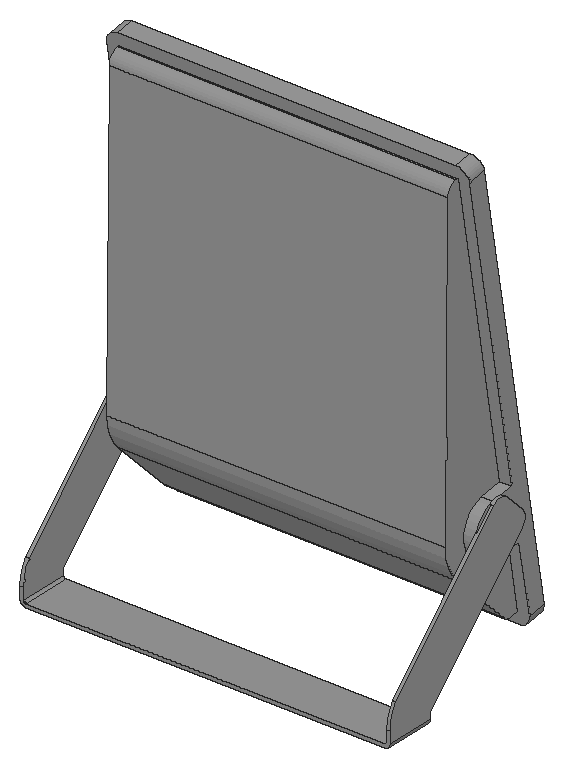
Revit family "SFIP66_150W", category Lighting Fixtures, host Face, Revit 2017
Family settings
  Host = Face
  Round Connector Dimension = Use Diameter
  Part Type = Normal
  OmniClass Number = 23.80.70.00
  OmniClass Title = Lighting
  Cut with Voids When Loaded = No
  Light Source = No
  Shared = No
  Room Calculation Point = No
Parameters (values of type "0048528 START FLOOD IP66 20KLM 830 WB")
  WingRadius_SYL = 10 mm
  WingLength_SYL = if([50W_SYL], 100 mm, if([100W_SYL], 142 mm, if([150W_SYL], 142 mm, if([200W_SYL], 150 mm, 170 mm))))  # 142 mm
  WidthBracket_SYL = 40 mm
  Weight = "4.6 kg"
  Wattage Comments = ""
  WarrantyStartDate [instance] = "n/a"
  WarrantyGuarantorParts = "n/a"
  WarrantyDurationUnit = "n/a"
  WarrantyDurationParts = "n/a"
  WarrantyDescription = "n/a"
  Voltage = 0 V
  URL = "http://www.sylvania-lighting.com"
  TypeName = "Start Flood IP66 20KLM 830 WB"
  TypeHead_SYL = START Flood IP66 150W luminaire : 0048528
  Type Image = <None>
  Type Comments = "n/a"
  ThicknessBracket_SYL = 3 mm
  SerialNumber [instance] = "n/a"
  RotationAngle_SYL [instance] = -100.00°
  RadiusOutBracket_SYL = 5 mm
  RadiusInBracket_SYL = 2 mm
  Material_3_SYL = none
  PowerFactor = 0.99
  PowerConsumption = "150 W"
  NominalLength = 451 mm
  NominalHeight = 77 mm
  NominalDepth = 330 mm
  Name = "Start Flood IP66 20KLM 830 WB"
  ModelReference = Name  # "Start Flood IP66 20KLM 830 WB"
  ModelNumber = "0048528"
  Model = Name  # "Start Flood IP66 20KLM 830 WB"
  Material = "n/a"
  ManufacturerName = "Feilo Sylvania"
  Manufacturer = "Feilo Sylvania"
  LuminousEfficacy = "133 lm/W"
  LuminaireType = ""
  LightOutputRatio = "n/a"
  LengthIn_SYL = if([50W_SYL], 210 mm, if([100W_SYL], 300 mm, if([150W_SYL], 295 mm, if([200W_SYL], 360 mm, 430 mm))))  # 295 mm
  LampsType = Lamp  # "LED"
  LampNominalLuminous = "19900 lm"
  LampMacAdamStep = "4"
  LampColourTemperature = "3000 K"
  LampColourRenderingIndex = "70"
  Lamp = "LED"
  Keynote = "16500"
  InstallationDate [instance] = "n/a"
  InputVoltage = "n/a"
  InputNominalFrequency = "n/a"
  IngressProtection = "IP66"
  ImpactProtectionIndex = "IK08"
  IfcExportType = "IfcLightFixtureType"
  IfcExportAs = "IfcLightFixtureType"
  EndAngle_SYL [instance] = RotationAngle_SYL + 180.00°  # 80.00°
  ElectricShockClassification = "Class I"
  DocumentationLiterature = "http://www.sylvania-lighting.com/product/en-int/products/0048528"
  DimmingControlOptions = "n/a"
  Material_2_SYL = none
  Description = "Exterior LED Floodlight, comes complete with 1000mm flying lead and adjustable bracket, aluminium housing, clear glass diffuser, IP66, IK08, Class I, 3000K, Non-dimming, 19900lm, 150W, 133lm/W, CRI80, Symmetrical Wide beam angle (60°), 60000 hrs L70B50 lifetime, 451 x 330 x 77mm (LxWxD) dimensions, 4.6kg weight."
  Default Elevation = 1219.2 mm
  CreatedOn = "9/23/2020"
  CreatedBy = "@sylvania-lighting.com"
  Cost = 0
  built-in parameter 1114216 [instance] = (empty or 0)
  ClassificationValue = "EF_70_80"
  ClassificationName = "Uniclass2015"
  Material_1_SYL = Steel, Paint Finish, Dark Gray, Matte
  BarCode [instance] = "n/a"
  AxisOffsetWingEnd_SYL = WidthBracket_SYL / 2  # 20 mm
  AxisHeight_SYL = sin(45.00°) * WingLength_SYL  # 100.409 mm
  AxisDepth_SYL = cos(45.00°) * (WingLength_SYL - tan(45.00°) * AxisOffsetWingEnd_SYL - AxisOffsetWingEnd_SYL)  # 72.125 mm
  AssetType = "Fixed"
  AssetIdentifier [instance] = "n/a"
  Assembly Code = "D5020200"
  Apparent Load = 150 VA
  Material_4_SYL = none
  50W_SYL = no
  200W_SYL = no
  150W_SYL = yes
  100W_SYL = no
Reference planes
  plane 1 "Center (Front/Back)": y = 0
  plane 2: z = 0
  plane 3 "Center (Left/Right)": x = 0
  plane 4: x = 150.5
  plane 5: x = -150.5
  plane 6: x = 147.5
  plane 7: x = -147.5
  plane 8: z = 10
  plane 9: y = 20
  plane 10: y = -20
  plane 11: z = 3
  plane 12: z = 110.409
  plane 13: y = 92.125
Forms (mm)
  Extrusion 1, solid, material "Steel, Paint Finish, Dark Gray, Matte" <- "Material_1_SYL"
    sketch origin (0, 0, 0) x (1, 0, 0) y (0, 0, 1)
      loop
        arc (145.5, 0) -> (149.036, 1.464) -> (150.5, 5) r 5
        line (150.5, 5) -> (150.5, 10) -> (147.5, 10) -> (147.5, 5)
        arc (147.5, 5) -> (146.914, 3.586) -> (145.5, 3) r 2
        line (145.5, 3) -> (-145.5, 3)
        arc (-145.5, 3) -> (-146.914, 3.586) -> (-147.5, 5) r 2
        line (-147.5, 5) -> (-147.5, 10) -> (-150.5, 10) -> (-150.5, 5)
        arc (-150.5, 5) -> (-149.036, 1.464) -> (-145.5, 0) r 5
        line (-145.5, 0) -> (145.5, 0)
    from -20 to 20
  Extrusion 2, solid, material "Steel, Paint Finish, Dark Gray, Matte" <- "Material_1_SYL"
    sketch origin (147.5, -4572, 2609.058) x (0, 0, 1) y (0, -1, 0)
      loop
        line (-2599.058, -4592) -> (-2505.72, -4685.338)
        arc (-2505.72, -4685.338) -> (-2498.649, -4688.267) -> (-2491.578, -4685.338) r 10
        line (-2491.578, -4685.338) -> (-2477.436, -4671.196)
        arc (-2477.436, -4671.196) -> (-2474.507, -4664.125) -> (-2477.436, -4657.054) r 10
        line (-2477.436, -4657.054) -> (-2576.632, -4557.858)
        arc (-2576.632, -4557.858) -> (-2585.316, -4553.5) -> (-2594.916, -4552) r 31.464
        line (-2594.916, -4552) -> (-2599.058, -4552) -> (-2599.058, -4592)
    from 0 to 3
  Extrusion 3, solid, material "Steel, Paint Finish, Dark Gray, Matte" <- "Material_1_SYL"
    sketch origin (-150.5, -4572, 2609.058) x (0, 0, 1) y (0, -1, 0)
      loop
        arc (-2505.72, -4685.338) -> (-2498.649, -4688.267) -> (-2491.578, -4685.338) r 10
        line (-2491.578, -4685.338) -> (-2477.436, -4671.196)
        arc (-2477.436, -4671.196) -> (-2474.507, -4664.125) -> (-2477.436, -4657.054) r 10
        line (-2477.436, -4657.054) -> (-2576.632, -4557.858)
        arc (-2576.632, -4557.858) -> (-2585.316, -4553.5) -> (-2594.916, -4552) r 31.464
        line (-2594.916, -4552) -> (-2604.058, -4552) -> (-2604.058, -4592) -> (-2599.058, -4592) -> (-2505.72, -4685.338)
    from 0 to 3
  Revolve 4, solid, not visible
    sketch origin (1223.4, -4572, 110.409) x (0, -1, 0) y (1, 0, 0)
      loop
        line (-4664.125, -1223.4) -> (-4679.125, -1223.4) -> (-4679.125, -1273.4) -> (-4664.125, -1273.4) -> (-4664.125, -1223.4)
      axis (-4664.125, -1223.4) -> (-4664.125, -1273.4)
    angle from -100 <- "RotationAngle_SYL" to 80 <- "EndAngle_SYL"
Cuts and joins
  joined: Extrusion 1, Extrusion 2, Extrusion 3
Lines and regions (mm)
  reference lines
    curve 1: line (0, 20, 10) -> (0, 172.028, 162.028)
    curve 2: line (0, 133.744, 180.312) -> (0, -20, 26.569)
    curve 3: line (0, 92.125, 138.693) -> (0, 120.409, 110.409)
    curve 4: line (-150.5, 4.393, 22.678) -> (-150.5, 170.135, 188.419)
    curve 5: line (0, 77.983, 124.551) -> (0, 106.267, 96.267)
Dimensions and locks
  locked: plane 8 to plane 2 at 10
  equal spacing: plane 10, plane 1 "Center (Front/Back)", plane 9
  "WidthBracket_SYL": plane 10 to plane 9
  "WidthBracket_SYL": curve 1 to curve 2
  "ThicknessBracket_SYL": plane 11 to plane 2
  "WingLength_SYL": curve 1 to curve 3
  level to Extrusion 1 = 10 mm
  equal spacing: plane 6, plane 3 "Center (Left/Right)", plane 7
  "LengthIn_SYL": plane 6 to plane 7
  equal spacing: plane 4, plane 3 "Center (Left/Right)", plane 5
  "ThicknessBracket_SYL": plane 7 to plane 5
  equal spacing: curve 1, curve 4, curve 2
  "AxisOffsetWingEnd_SYL": curve 3 to curve 5
  "AxisHeight_SYL": plane 12 to plane 8
  "AxisDepth_SYL": plane 9 to plane 13
  "RadiusInBracket_SYL": radius of Extrusion 1 sketch curve  (x2)
  "RadiusOutBracket_SYL": radius of Extrusion 1 sketch curve  (x2)
  "WingRadius_SYL": radius of Extrusion 2 sketch curve  (x2)
  locked: plane 8 to curve 1 (angle 45.00°)
  locked: plane 8 to curve 2 (angle 45.00°)
  aligned and locked: plane 2 to host face
  aligned and locked: level to host face
  aligned and locked: plane 9 to curve 1
  aligned and locked: plane 8 to curve 1
  aligned and locked: plane 10 to curve 2
  aligned and locked: plane 5 to Extrusion 1 sketch curve
  aligned and locked: plane 8 to Extrusion 1 sketch curve  (x2)
  aligned and locked: Extrusion 1 sketch curve to plane 7
  aligned and locked: plane 11 to Extrusion 1 sketch curve
  aligned and locked: plane 6 to Extrusion 1 sketch curve
  aligned and locked: Extrusion 1 sketch curve to plane 4
  aligned and locked: Extrusion 1 to plane 9
  aligned and locked: plane 10 to Extrusion 1
  aligned and locked: Extrusion 2 sketch curve to curve 1
  aligned and locked: curve 2 to Extrusion 2 sketch curve
  aligned and locked: plane 10 to Extrusion 2 sketch curve
  aligned and locked: Extrusion 2 sketch curve to Extrusion 1
  aligned and locked: plane 4 to Extrusion 2
  aligned and locked: Extrusion 2 to plane 6
  aligned and locked: plane 7 to Extrusion 3
  aligned and locked: Extrusion 3 to plane 5
  aligned and locked: cut or joined group of Extrusion 1, Extrusion 2, Extrusion 3 to curve 5  (x2)
  aligned and locked: Revolve 4 sketch curve to plane 13  (x2)
  aligned and locked: Revolve 4 sketch curve to curve 3
  aligned and locked: curve 2 to plane 3 "Center (Left/Right)"
  aligned and locked: Extrusion 3 sketch curve to cut or joined group of Extrusion 1, Extrusion 2, Extrusion 3  (x5)
  aligned and locked: cut or joined group of Extrusion 1, Extrusion 2, Extrusion 3 to Extrusion 3 sketch curve
  aligned and locked: nested 1 to plane 3 "Center (Left/Right)"
Automatic sketch dimensions
  host sketch curve to host sketch curve = 2438.4 mm  (x2)
  curve 4 to plane 1 "Center (Front/Back)" = 4.393 mm
  curve 4 to plane 9 = 150.135 mm
  Revolve 4 sketch curve to Revolve 4 sketch curve = 15 mm
  Revolve 4 sketch curve to plane 3 "Center (Left/Right)" = 50 mm
  Revolve 4 sketch curve to plane 5 = 1316.635 mm
  plane 4 to Revolve 4 sketch curve = 1441.773 mm
  Extrusion 3 sketch curve to plane 10 = 5.858 mm
  plane 12 to Extrusion 3 sketch curve = 7.071 mm
  Extrusion 3 sketch curve to plane 12 = 7.071 mm
  Extrusion 3 sketch curve to Extrusion 3 sketch curve = 7.071 mm
  plane 13 to Extrusion 3 sketch curve = 7.071 mm
  Extrusion 1 sketch curve to Extrusion 1 sketch curve = 0 mm  (x2)
  plane 12 to Extrusion 2 sketch curve = 0 mm
  Extrusion 2 sketch curve to plane 13 = 0 mm
  Extrusion 2 sketch curve to Extrusion 2 sketch curve = 4.142 mm
  Extrusion 2 sketch curve to plane 10 = 5.858 mm
  plane 12 to Extrusion 2 sketch curve = 7.071 mm
  Extrusion 2 sketch curve to plane 12 = 7.071 mm
  plane 13 to Extrusion 2 sketch curve = 7.071 mm
  Extrusion 2 sketch curve to plane 13 = 7.071 mm
Nested families
  nested 1: "START Flood IP66 150W luminaire" at (0, 92.125, 110.409) x (-1, 0, 0) z (0, 0.9848, 0.1736), type "0048528"
    with built-in parameter 1114216 (empty or 0)
Connectors
  electrical at (4.2, 0, 0), driven by "Voltage", driven by "Apparent Load", driven by "PowerFactor"
    settings: on host face, index 1, voltage 0 V, apparent load 150 VA, apparent load phase1 0 VA, apparent load phase2 0 VA, apparent load phase3 0 VA, power factor 0.99, load classification "Other", number of poles 1, system type 30, power factor state 1, is connector primary yes, connector utility no, sub classification motor no, connector description ""
Definition of nested family "START Flood IP66 150W luminaire"
  Parameters (values of type "0048528")
    WidthHead_SYL = if([50W_SYL], 210 mm, if([100W_SYL], 300 mm, if([150W_SYL], 295 mm, if([200W_SYL], 360 mm, 430 mm))))  # 295 mm
    Wattage Comments = "n/a"
    Wattage = 150 W
    built-in parameter 1150110 = 1 (stored number, unit not read)
    URL = "http://www.sylvania-lighting.com"
    Type Image = (empty or 0)
    Type Comments = "n/a"
    built-in parameter 1114217 = 1 (stored number, unit not read)
    Tilt Angle = -90.00°
    built-in parameter 1150109 = 1 (stored number, unit not read)
    built-in parameter 1150134 = 12
    built-in parameter 1150113 = 1 (stored number, unit not read)
    ScreenThickness_SYL = 14.5 mm  # constant formula
    ReflectorOffset_SYL = 12 mm  # constant formula
    ReflectorOffsetIn_SYL = RadiusReflectorFront_SYL  # 30 mm
    ReflectorHeight_SYL = if([50W_SYL], 145 mm, if([100W_SYL], 165 mm, if([150W_SYL], 210 mm, if([200W_SYL], 240 mm, 290 mm))))  # 210 mm
    RadiusReflectorIn_SYL = 5 mm  # constant formula
    RadiusReflectorFront_SYL = if([50W_SYL], 30 mm, if([100W_SYL], 30 mm, if([150W_SYL], 30 mm, if([200W_SYL], 30 mm, 35 mm))))  # 30 mm
    RadiusHinge_SYL = RadiusBack_SYL / 1.8  # 22.222 mm
    RadiusBack_SYL = if([50W_SYL], 31.3 mm, if([100W_SYL], 40 mm, if([150W_SYL], 40 mm, if([200W_SYL], 50 mm, 55 mm))))  # 40 mm
    Photometric Web File = "0048528.IES"
    OffsetBack_SYL = 10 mm  # constant formula
    Material_5_SYL = none
    Material_3_SYL = none
    Model = "Start Flood IP66 21000lm 740 WB"
    Manufacturer = "Feilo Sylvania"
    built-in parameter 1150105 = 22688.2 (stored number, unit not read)
    Lumens = 21684 lm
    built-in parameter 1150115 = 1 (stored number, unit not read)
    built-in parameter 1150137 = (empty or 0)
    built-in parameter 1150139 = (empty or 0)
    built-in parameter 1150112 = 1 (stored number, unit not read)
    built-in parameter 1150114 = 1 (stored number, unit not read)
    Lamp = "LED"
    Keynote = "16500"
    Material_2_SYL = none
    built-in parameter 1150132 = (empty or 0)
    built-in parameter 1150102 = (empty or 0)
    built-in parameter 1150107 = 4000 (stored number, unit not read)
    built-in parameter 1150138 = (empty or 0)
    built-in parameter 1150106 = 226.88 (stored number, unit not read)
    HeightHead_SYL = if([50W_SYL], 250 mm, if([100W_SYL], 320 mm, if([150W_SYL], 367 mm, if([200W_SYL], 400 mm, 470 mm))))  # 367 mm
    Emit from Rectangle Width = WidthHead_SYL - 4 mm - ReflectorOffset_SYL * 2 - ReflectorOffsetIn_SYL * 2  # 207 mm
    Emit from Rectangle Length = ReflectorHeight_SYL - ReflectorOffsetIn_SYL * 2  # 150 mm
    Emit Shape Visible in Rendering = no
    built-in parameter 1150104 = 13.43 (stored number, unit not read)
    Dimming Lamp Color Temperature Shift = (empty or 0)
    Description = ""
    Default Elevation = 1219.2 mm
    Cost = 0
    Color Filter = 16777215
    built-in parameter 1114216 [instance] = (empty or 0)
    Material_1_SYL = none
    Chamfer_SYL = if([50W_SYL], 15 mm, if([100W_SYL], 15 mm, if([150W_SYL], 15 mm, if([200W_SYL], 15 mm, 20 mm))))  # 15 mm
    built-in parameter 1114218 = 1 (stored number, unit not read)
    AxisOffsetBottom_SYL = if([50W_SYL], 68 mm, if([100W_SYL], 80 mm, if([150W_SYL], 92.2 mm, if([200W_SYL], 99.7 mm, 117 mm))))  # 92.2 mm
    AxisOffsetFront_SYL = if([50W_SYL], 28.4 mm, if([100W_SYL], 33.2 mm, if([150W_SYL], 33.2 mm, if([200W_SYL], 32.9 mm, 38.3 mm))))  # 33.2 mm
    built-in parameter 1150133 = 10 (stored number, unit not read)
    Assembly Code = "D5020200"
    Apparent Load = 150 VA
    Material_4_SYL = none
    50W_SYL = no
    200W_SYL = no
    150W_SYL = yes
    100W_SYL = no
  Reference planes
    plane 1 "Center (Front/Back)": y = 0
    plane 2: z = 0
    plane 3 "Center (Left/Right)": x = 0
    plane 4: x = 147.5
    plane 5: x = -147.5
    plane 6: y = -92.2
    plane 7: y = 274.8
    plane 8: z = 33.2
    plane 9: z = 18.7
    plane 10: y = 264.8
    plane 11: y = -82.2
    plane 12: x = -137.5
    plane 13: x = 137.5
    plane 14: x = -145.5
    plane 15: y = 272.8
    plane 16: x = 145.5
    plane 17: y = -90.2
    plane 18: y = 257.8
    plane 19: x = 130.5
    plane 20: x = -130.5
    plane 21: y = -75.2
    plane 22: z = 31.2
    plane 23: z = 8.7
    plane 24: x = -133.5
    plane 25: y = 260.8
    plane 26: x = 133.5
    plane 27: y = 50.8
    plane 28: x = -103.5
    plane 29: y = 80.8
    plane 30: x = 103.5
    plane 31: y = 230.8
    plane 32: y = 155.8
  Forms (mm)
    Extrusion 1, solid
      sketch origin (4.2, 0, 0) x (1, 0, 0) y (0, 1, 0)
        loop
          line (-1219.2, 1219.2) -> (-1219.2, -1219.2) -> (1219.2, -1219.2) -> (1219.2, 1219.2) -> (-1219.2, 1219.2)
      from 0 to -68.017
    Extrusion 2, solid, material <- "Material_1_SYL"
      sketch origin (0, 1219.2, 33.2) x (1, 0, 0) y (0, -1, 0)
        loop
          line (-137.5, 944.4) -> (137.5, 944.4)
          arc (137.5, 944.4) -> (144.571, 947.329) -> (147.5, 954.4) r 10
          line (147.5, 954.4) -> (147.5, 1301.4)
          arc (147.5, 1301.4) -> (144.571, 1308.471) -> (137.5, 1311.4) r 10
          line (137.5, 1311.4) -> (-137.5, 1311.4)
          arc (-137.5, 1311.4) -> (-144.571, 1308.471) -> (-147.5, 1301.4) r 10
          line (-147.5, 1301.4) -> (-147.5, 954.4)
          arc (-147.5, 954.4) -> (-144.571, 947.329) -> (-137.5, 944.4) r 10
      from 0 to 14.5
    Extrusion 3, void
      sketch origin (0, 1219.2, 33.2) x (1, 0, 0) y (0, -1, 0)
        loop
          line (-130.5, 946.4) -> (130.5, 946.4) -> (145.5, 961.4) -> (145.5, 1294.4) -> (130.5, 1309.4) -> (-130.5, 1309.4) -> (-145.5, 1294.4) -> (-145.5, 961.4) -> (-130.5, 946.4)
      from 0 to 2
    Blend 4, void
      base sketch origin (0, 1219.2, 31.2) x (0, -1, 0) y (1, 0, 0)
        loop
          arc (958.4, -103.5) -> (967.187, -124.713) -> (988.4, -133.5) r 30
          line (988.4, -133.5) -> (1138.4, -133.5)
          arc (1138.4, -133.5) -> (1159.613, -124.713) -> (1168.4, -103.5) r 30
          line (1168.4, -103.5) -> (1168.4, 103.5)
          arc (1168.4, 103.5) -> (1159.613, 124.713) -> (1138.4, 133.5) r 30
          line (1138.4, 133.5) -> (988.4, 133.5)
          arc (988.4, 133.5) -> (967.187, 124.713) -> (958.4, 103.5) r 30
          line (958.4, 103.5) -> (958.4, -103.5)
      top sketch origin (0, 1219.2, 31.2) x (0, -1, 0) y (1, 0, 0)
        loop
          arc (988.4, -100.5) -> (990.244, -102.683) -> (992.983, -103.5) r 5
          line (992.983, -103.5) -> (1133.4, -103.5)
          arc (1133.4, -103.5) -> (1136.936, -102.036) -> (1138.4, -98.5) r 5
          line (1138.4, -98.5) -> (1138.4, 98.5)
          arc (1138.4, 98.5) -> (1136.936, 102.036) -> (1133.4, 103.5) r 5
          line (1133.4, 103.5) -> (993.4, 103.5)
          arc (993.4, 103.5) -> (989.864, 102.036) -> (988.4, 98.5) r 5
          line (988.4, 98.5) -> (988.4, -100.5)
      from 0 to -22.5
    Extrusion 5, solid, material <- "Material_1_SYL"
      sketch origin (0, 0, 0) x (0, 1, 0) y (0, 0, 1)
        loop
          line (-82.2, 18.7) -> (-82.2, 13.506)
          arc (-82.2, 13.506) -> (-81.058, 8.865) -> (-77.893, 5.284) r 10
          line (-77.893, 5.284) -> (-22.772, -32.885)
          arc (-22.772, -32.885) -> (-8.374, -39.114) -> (7.312, -39.326) r 40
          line (7.312, -39.326) -> (256.806, 7.063)
          arc (256.806, 7.063) -> (262.548, 10.538) -> (264.8, 16.86) r 10
          line (264.8, 16.86) -> (264.8, 18.7) -> (-82.2, 18.7)
      from -137.5 to 137.5
    Extrusion 6, solid, material <- "Material_4_SYL"
      sketch origin (0, 1219.2, 31.2) x (1, 0, 0) y (0, -1, 0)
        loop
          line (130.5, 946.4) -> (145.5, 961.4) -> (145.5, 1294.4) -> (130.5, 1309.4) -> (-130.5, 1309.4) -> (-145.5, 1294.4) -> (-145.5, 961.4) -> (-130.5, 946.4) -> (130.5, 946.4)
      from -2 to 0
    Extrusion 7, solid, material <- "Material_1_SYL"
      sketch origin (0, 0, 0) x (0, 1, 0) y (0, 0, 1)
        loop
          arc (-22.222, 0) -> (0, -22.222) -> (22.222, 0) r 22.222
          line (22.222, 0) -> (22.222, 18.7) -> (-22.222, 18.7) -> (-22.222, 0)
      from -147.5 to 147.5
  Cuts and joins
    Extrusion 3, Blend 4 cuts Extrusion 2
    joined: Extrusion 2, Extrusion 5, Extrusion 7
  Lines and regions (mm)
    Split face 1
      outline origin (0, 1219.2, 33.2) x (1, 0, 0) y (0, 1, 0)
        loop
          arc (103.5, -1168.4) -> (124.713, -1159.613) -> (133.5, -1138.4) r 30
          line (133.5, -1138.4) -> (133.5, -988.4)
          arc (133.5, -988.4) -> (124.713, -967.187) -> (103.5, -958.4) r 30
          line (103.5, -958.4) -> (-103.5, -958.4)
          arc (-103.5, -958.4) -> (-124.713, -967.187) -> (-133.5, -988.4) r 30
          line (-133.5, -988.4) -> (-133.5, -1138.4)
          arc (-133.5, -1138.4) -> (-124.713, -1159.613) -> (-103.5, -1168.4) r 30
          line (-103.5, -1168.4) -> (103.5, -1168.4)
    reference lines
      curve 1: circle (0, 0, 0) r 40 normal (1, 0, 0)
      curve 2: line (-103.5, 260.8, 33.2) -> (103.5, 260.8, 33.2)
      curve 3: line (-133.5, 80.8, 33.2) -> (-133.5, 230.8, 33.2)
      curve 4: line (103.5, 50.8, 33.2) -> (-103.5, 50.8, 33.2)
      curve 5: line (133.5, 230.8, 33.2) -> (133.5, 80.8, 33.2)
      curve 6: arc (-103.5, 260.8, 33.2) -> (-124.713, 252.013, 33.2) -> (-133.5, 230.8, 33.2) r 30
      curve 7: arc (103.5, 260.8, 33.2) -> (124.713, 252.013, 33.2) -> (133.5, 230.8, 33.2) r 30
      curve 8: arc (-133.5, 80.8, 33.2) -> (-124.713, 59.587, 33.2) -> (-103.5, 50.8, 33.2) r 30
      curve 9: arc (103.5, 50.8, 33.2) -> (124.713, 59.587, 33.2) -> (133.5, 80.8, 33.2) r 30
      curve 10: line (-100.5, 230.8, 33.2) -> (98.5, 230.8, 33.2)
      curve 11: line (-103.5, 85.8, 33.2) -> (-103.5, 226.217, 33.2)
      curve 12: line (98.5, 80.8, 33.2) -> (-98.5, 80.8, 33.2)
      curve 13: line (103.5, 225.8, 33.2) -> (103.5, 85.8, 33.2)
      curve 14: arc (-100.5, 230.8, 33.2) -> (-102.683, 228.956, 33.2) -> (-103.5, 226.217, 33.2) r 5
      curve 15: arc (-98.5, 80.8, 33.2) -> (-102.036, 82.264, 33.2) -> (-103.5, 85.8, 33.2) r 5
      curve 16: arc (103.5, 85.8, 33.2) -> (102.036, 82.264, 33.2) -> (98.5, 80.8, 33.2) r 5
      curve 17: arc (98.5, 230.8, 33.2) -> (102.036, 229.336, 33.2) -> (103.5, 225.8, 33.2) r 5
      curve 18: circle (0, 0, 0) r 22.222 normal (1, 0, 0)
  Dimensions and locks
    equal spacing: plane 4, plane 3 "Center (Left/Right)", plane 5
    "WidthHead_SYL": plane 4 to plane 5
    "AxisOffsetBottom_SYL": plane 6 to plane 1 "Center (Front/Back)"
    "HeightHead_SYL": plane 6 to plane 7
    "AxisOffsetFront_SYL": plane 8 to plane 2
    "ScreenThickness_SYL": plane 9 to plane 8
    equal spacing: plane 12, plane 3 "Center (Left/Right)", plane 13
    "OffsetBack_SYL": plane 5 to plane 12
    "OffsetBack_SYL": plane 10 to plane 7
    "OffsetBack_SYL": plane 6 to plane 11
    locked: plane 6 to plane 17 at 2
    locked: plane 16 to plane 4 at 2
    locked: plane 5 to plane 14 at 2
    locked: plane 15 to plane 7 at 2
    "Chamfer_SYL": plane 19 to plane 16
    "Chamfer_SYL": plane 14 to plane 20
    "Chamfer_SYL": plane 18 to plane 15
    locked: plane 22 to plane 8 at 2
    "Chamfer_SYL": plane 17 to plane 21
    locked: plane 23 to plane 9 at 10
    equal spacing: plane 24, plane 3 "Center (Left/Right)", plane 26
    "ReflectorOffset_SYL": plane 25 to plane 15
    "ReflectorHeight_SYL": plane 27 to plane 25
    "ReflectorOffset_SYL": plane 14 to plane 24
    "ReflectorOffsetIn_SYL": plane 31 to plane 25
    "ReflectorOffsetIn_SYL": plane 24 to plane 28
    "ReflectorOffsetIn_SYL": plane 27 to plane 29
    "ReflectorOffsetIn_SYL": plane 30 to plane 26
    level to Extrusion 7 = 18.7 mm
    equal spacing: plane 29, plane 32, plane 31
    "RadiusBack_SYL": radius of curve 1
    "OffsetBack_SYL": radius of Extrusion 2 sketch curve  (x4)
    "RadiusReflectorFront_SYL": radius of curve 6
    "RadiusReflectorFront_SYL": radius of curve 8
    "RadiusReflectorFront_SYL": radius of curve 9
    "RadiusReflectorFront_SYL": radius of curve 7
    "RadiusReflectorIn_SYL": radius of curve 14
    "RadiusReflectorIn_SYL": radius of curve 15
    "RadiusReflectorIn_SYL": radius of curve 16
    "RadiusReflectorIn_SYL": radius of curve 17
    radius of Extrusion 5 sketch curve = 10 mm  (x2)
    "RadiusHinge_SYL": radius of curve 18
    aligned and locked: plane 2 to Extrusion 1
    aligned and locked: level to Extrusion 1
    aligned and locked: Extrusion 2 sketch curve to plane 7
    aligned and locked: plane 12 to Extrusion 2 sketch curve  (x2)
    aligned and locked: plane 13 to Extrusion 2 sketch curve  (x2)
    aligned and locked: plane 10 to Extrusion 2 sketch curve
    aligned and locked: plane 11 to Extrusion 2 sketch curve  (x2)
    aligned and locked: plane 9 to Extrusion 2
    aligned and locked: Extrusion 2 to plane 8
    aligned and locked: plane 20 to Extrusion 3 sketch curve
    aligned and locked: plane 18 to Extrusion 3 sketch curve
    aligned and locked: plane 14 to Extrusion 3 sketch curve
    aligned and locked: plane 17 to Extrusion 3 sketch curve
    aligned and locked: Extrusion 3 sketch curve to plane 16
    aligned and locked: plane 19 to Extrusion 3 sketch curve
    aligned and locked: plane 15 to Extrusion 3 sketch curve
    aligned and locked: plane 22 to Extrusion 3
    aligned and locked: Extrusion 3 to plane 8
    aligned and locked: curve 2 to plane 25
    aligned and locked: curve 3 to plane 24
    aligned and locked: plane 27 to curve 4
    aligned and locked: plane 26 to curve 5
    aligned and locked: curve 10 to plane 31
    aligned and locked: curve 11 to plane 28
    aligned and locked: plane 29 to curve 12
    aligned and locked: plane 30 to curve 13
    aligned and locked: Blend 4 sketch curve to curve 6
    aligned and locked: Blend 4 sketch curve to curve 8
    aligned and locked: Blend 4 sketch curve to curve 9
    aligned and locked: Blend 4 sketch curve to curve 7
    aligned and locked: Blend 4 sketch curve to curve 10
    aligned and locked: Blend 4 sketch curve to curve 17
    aligned and locked: Blend 4 sketch curve to curve 16
    aligned and locked: Blend 4 sketch curve to curve 15
    aligned and locked: Blend 4 sketch curve to curve 14
    aligned and locked: Blend 4 to plane 22
    aligned and locked: Extrusion 5 sketch curve to curve 1
    aligned and locked: Extrusion 5 to plane 12
    aligned and locked: plane 13 to Extrusion 5
    aligned and locked: plane 23 to Blend 4
    aligned and locked: Extrusion 6 sketch curve to cut or joined group of Extrusion 2, Extrusion 3, Blend 4, Extrusion 5, Extrusion 7  (x8)
    aligned and locked: plane 22 to Extrusion 6
    aligned and locked: Extrusion 6 to plane 8
    aligned and locked: Split face 1 sketch curve to cut or joined group of Extrusion 2, Extrusion 3, Blend 4, Extrusion 5, Extrusion 7  (x4)
    aligned and locked: Extrusion 7 sketch curve to curve 18
    aligned and locked: plane 9 to Extrusion 7 sketch curve  (x2)
    aligned and locked: plane 4 to Extrusion 7
    aligned and locked: Extrusion 7 to plane 5
    aligned and locked: plane 3 "Center (Left/Right)" to imposter light
    aligned and locked: plane 32 to imposter light
    aligned and locked: imposter light to plane 8
  Automatic sketch dimensions
    Extrusion 1 sketch curve to Extrusion 1 sketch curve = 2438.4 mm  (x2)
    Extrusion 3 sketch curve to plane 20 = 0 mm
    Extrusion 3 sketch curve to plane 19 = 0 mm
    plane 21 to Extrusion 3 sketch curve = 0 mm  (x2)
    plane 18 to Extrusion 3 sketch curve = 0 mm
    plane 28 to curve 10 = 3 mm
    curve 1 to curve 18 = 0 mm  (x2)
    curve 18 to level = 0 mm
    curve 18 to plane 1 "Center (Front/Back)" = 0 mm
    Extrusion 7 sketch curve to level = 0 mm
    Extrusion 5 sketch curve to plane 11 = 0 mm
    Extrusion 5 sketch curve to plane 10 = 0 mm
    plane 9 to Extrusion 5 sketch curve = 0 mm
    plane 21 to Extrusion 5 sketch curve = 2.693 mm
    plane 1 "Center (Front/Back)" to Extrusion 5 sketch curve = 22.772 mm
    Extrusion 5 sketch curve to plane 1 "Center (Front/Back)" = 7.312 mm
    plane 18 to Extrusion 5 sketch curve = 0.994 mm
    plane 23 to Extrusion 5 sketch curve = 3.416 mm
    plane 23 to Extrusion 5 sketch curve = 1.637 mm
